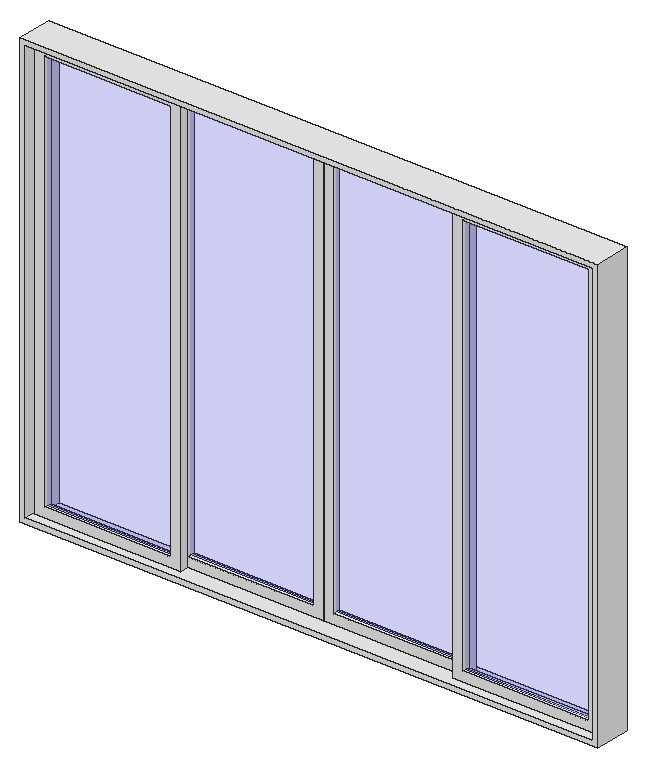
Revit family
Parameters (values of type "1800X2400 mm")
  Height = 1800 mm
  유리 = 양여닫이문 유리 재료
  프레임 = 양여닫이문 프레임 재료
  기본 씰 높이 = 1200 mm
  Wall Closure = (empty or 0)
  Width = 2400 mm
Reference planes
  plane 1: y = 0
  plane 2 "중심(왼쪽/오른쪽)": x = 0
  plane 3 "왼쪽": x = -1200
  plane 4 "오른쪽": x = 1200
  plane 5 "씰": z = 1200
  plane 6 "헤드": z = 3000
  plane 7 "외부": y = 50
  plane 8 "내부": y = -50
  plane 9: x = -1180
  plane 10: x = -1160
  plane 11: x = 1180
  plane 12: x = 1160
  plane 13: y = -25
  plane 14: y = -100
  plane 15: z = 2980
  plane 16: z = 1220
  plane 17: x = -1170
  plane 18: x = 1170
  plane 19: x = -585
  plane 20: x = 585
  plane 21: x = -605
  plane 22: x = -565
  plane 23: x = 565
  plane 24: x = 605
  plane 25: y = -28
  plane 26: y = -58
  plane 27: z = 2940
  plane 28: z = 1260
  plane 29: x = -1130
  plane 30: y = 8
  plane 31: y = -22
  plane 32: x = -40
  plane 33: x = 40
  plane 34: x = 1130
  plane 35: y = -39
  plane 36: y = -47
  plane 37: y = -3
  plane 38: y = -11
Forms (mm)
  Extrusion 1, solid, material "양여닫이문 프레임 재료" <- "프레임"
    sketch origin (0, 0, 0) x (1, 0, 0) y (0, 1, 0)
      loop
        line (-1200, 50) -> (-1200, -100) -> (-1180, -100) -> (-1180, -25) -> (-1160, -25) -> (-1160, 50) -> (-1200, 50)
      loop
        line (1200, 50) -> (1160, 50) -> (1160, -25) -> (1180, -25) -> (1180, -100) -> (1200, -100) -> (1200, 50)
    from 3000 to 1200
  Extrusion 2, solid, material "양여닫이문 프레임 재료" <- "프레임"
    sketch origin (0, 0, 0) x (1, 0, 0) y (0, 1, 0)
      loop
        line (-1200, 50) -> (-1200, -100) -> (1200, -100) -> (1200, 50) -> (-1200, 50)
    from 3000 to 2980
  Extrusion 3, solid, material "양여닫이문 프레임 재료" <- "프레임"
    sketch origin (0, 0, 0) x (1, 0, 0) y (0, 1, 0)
      loop
        line (-1200, 50) -> (-1200, -100) -> (1200, -100) -> (1200, 50) -> (-1200, 50)
    from 1220 to 1200
  Extrusion 4, solid, material "양여닫이문 프레임 재료" <- "프레임"
    sketch origin (0, 50, 0) x (1, 0, 0) y (0, 0, 1)
      loop
        line (-565, 2980) -> (-1170, 2980) -> (-1170, 1220) -> (-565, 1220) -> (-565, 2980)
      loop
        line (-605, 2940) -> (-1130, 2940) -> (-1130, 1260) -> (-605, 1260) -> (-605, 2940)
    from 78 to 108
  Extrusion 5, solid, material "양여닫이문 프레임 재료" <- "프레임"
    sketch origin (0, 50, 0) x (1, 0, 0) y (0, 0, 1)
      loop
        line (0, 2980) -> (-605, 2980) -> (-605, 1220) -> (0, 1220) -> (0, 2980)
      loop
        line (-40, 2940) -> (-565, 2940) -> (-565, 1260) -> (-40, 1260) -> (-40, 2940)
    from 42 to 72
  Extrusion 6, solid, material "양여닫이문 프레임 재료" <- "프레임"
    sketch origin (0, 50, 0) x (1, 0, 0) y (0, 0, 1)
      loop
        line (605, 2980) -> (0, 2980) -> (0, 1220) -> (605, 1220) -> (605, 2980)
      loop
        line (565, 2940) -> (40, 2940) -> (40, 1260) -> (565, 1260) -> (565, 2940)
    from 42 to 72
  Extrusion 7, solid, material "양여닫이문 프레임 재료" <- "프레임"
    sketch origin (0, 50, 0) x (1, 0, 0) y (0, 0, 1)
      loop
        line (1170, 2980) -> (565, 2980) -> (565, 1220) -> (1170, 1220) -> (1170, 2980)
      loop
        line (1130, 2940) -> (605, 2940) -> (605, 1260) -> (1130, 1260) -> (1130, 2940)
    from 78 to 108
  Extrusion 8, solid, material "양여닫이문 유리 재료" <- "유리"
    sketch origin (0, 50, 0) x (1, 0, 0) y (0, 0, 1)
      loop
        line (-605, 2940) -> (-1130, 2940) -> (-1130, 1260) -> (-605, 1260) -> (-605, 2940)
    from 89 to 97
  Extrusion 9, solid, material "양여닫이문 유리 재료" <- "유리"
    sketch origin (0, 50, 0) x (1, 0, 0) y (0, 0, 1)
      loop
        line (1130, 2940) -> (605, 2940) -> (605, 1260) -> (1130, 1260) -> (1130, 2940)
    from 89 to 97
  Extrusion 10, solid, material "양여닫이문 유리 재료" <- "유리"
    sketch origin (0, 50, 0) x (1, 0, 0) y (0, 0, 1)
      loop
        line (565, 2940) -> (40, 2940) -> (40, 1260) -> (565, 1260) -> (565, 2940)
    from 53 to 61
  Extrusion 11, solid, material "양여닫이문 유리 재료" <- "유리"
    sketch origin (0, 50, 0) x (1, 0, 0) y (0, 0, 1)
      loop
        line (-40, 2940) -> (-565, 2940) -> (-565, 1260) -> (-40, 1260) -> (-40, 2940)
    from 53 to 61
Cuts and joins
  joined: Extrusion 1, Extrusion 2, Extrusion 3
Lines and regions (mm)
  Opening 1
    outline origin (3500, -50, 0) x (1, 0, 0) y (0, 0, 1)
      loop
        line (-2300, 1200) -> (-2300, 3000) -> (-4700, 3000) -> (-4700, 1200) -> (-2300, 1200)
  symbolic lines
    curve 1: line (-1200, 50, 0) -> (-1200, -100, 0)
    curve 2: line (-1200, -100, 0) -> (1200, -100, 0)
    curve 3: line (1200, 50, 0) -> (-1200, 50, 0)
    curve 4: line (1200, -100, 0) -> (1200, 50, 0)
    curve 5: line (-565, -28, 0) -> (-1170, -28, 0)
    curve 6: line (-1170, -28, 0) -> (-1170, -58, 0)
    curve 7: line (-1170, -58, 0) -> (-565, -58, 0)
    curve 8: line (-565, -58, 0) -> (-565, -28, 0)
    curve 9: line (-605, -28, 0) -> (-605, -58, 0)
    curve 10: line (-1130, -58, 0) -> (-1130, -28, 0)
    curve 11: line (-605, 8, 0) -> (-605, -22, 0)
    curve 12: line (-605, -22, 0) -> (0, -22, 0)
    curve 13: line (0, 8, 0) -> (-605, 8, 0)
    curve 14: line (-565, -22, 0) -> (-565, 8, 0)
    curve 15: line (0, 8, 0) -> (0, -22, 0)
    curve 16: line (-40, 8, 0) -> (-40, -22, 0)
    curve 17: line (40, -22, 0) -> (40, 8, 0)
    curve 18: line (565, 8, 0) -> (565, -22, 0)
    curve 19: line (605, -22, 0) -> (605, 8, 0)
    curve 20: line (565, -28, 0) -> (565, -58, 0)
    curve 21: line (605, -58, 0) -> (605, -28, 0)
    curve 22: line (1170, -28, 0) -> (565, -28, 0)
    curve 23: line (565, -58, 0) -> (1170, -58, 0)
    curve 24: line (1130, -28, 0) -> (1130, -58, 0)
    curve 25: line (1170, -58, 0) -> (1170, -28, 0)
    curve 26: line (1160, 50, 0) -> (1160, -25, 0)
    curve 27: line (1160, -25, 0) -> (1180, -25, 0)
    curve 28: line (1180, -25, 0) -> (1180, -100, 0)
    curve 29: line (-1180, -100, 0) -> (-1180, -25, 0)
    curve 30: line (-1180, -25, 0) -> (-1160, -25, 0)
    curve 31: line (-1160, -25, 0) -> (-1160, 50, 0)
    curve 32: line (-585, 230, 0) -> (-585, -330, 0)
    curve 33: line (0, 230, 0) -> (0, -330, 0)
    curve 34: line (585, 230, 0) -> (585, -330, 0)
    curve 35: line (605, 8, 0) -> (0, 8, 0)
    curve 36: line (0, -22, 0) -> (605, -22, 0)
Text (mm)
  text "외부" at (-1963.203, 1332.353, 0), in view "참조 레벨"
  text "내부" at (-1981.466, -818.386, 0), in view "참조 레벨"
  text "외부" at (0, 923.751, 2943.296), in view "오른쪽"
  text "외부" at (0, 1040.484, 2685.409), in view "왼쪽"
Dimensions and locks
  equal spacing: plane 3 "왼쪽", plane 2 "중심(왼쪽/오른쪽)", plane 4 "오른쪽"
  "Width": plane 3 "왼쪽" to plane 4 "오른쪽"
  "Height": plane 5 "씰" to plane 6 "헤드"
  "기본 씰 높이": plane 5 "씰" to level
  locked: plane 7 "외부" to host wall at 0
  locked: plane 8 "내부" to host wall
  locked: plane 3 "왼쪽" to plane 9 at 20
  locked: plane 3 "왼쪽" to plane 10 at 40
  locked: plane 11 to plane 4 "오른쪽" at 20
  locked: plane 12 to plane 4 "오른쪽" at 40
  locked: plane 7 "외부" to plane 13 at 75
  locked: plane 14 to plane 7 "외부" at 150
  host wall to host wall = 4000 mm
  locked: plane 15 to plane 6 "헤드" at 20
  locked: plane 5 "씰" to plane 16 at 20
  locked: plane 3 "왼쪽" to plane 17 at 30
  locked: plane 18 to plane 4 "오른쪽" at 30
  equal spacing: plane 17, plane 19, plane 2 "중심(왼쪽/오른쪽)"
  equal spacing: plane 2 "중심(왼쪽/오른쪽)", plane 20, plane 18
  locked: plane 21 to plane 19 at 20
  locked: plane 19 to plane 22 at 20
  locked: plane 23 to plane 20 at 20
  locked: plane 20 to plane 24 at 20
  locked: plane 25 to plane 7 "외부" at 78
  locked: plane 26 to plane 7 "외부" at 108
  locked: plane 27 to plane 15 at 40
  locked: plane 16 to plane 28 at 40
  locked: plane 29 to plane 17 at 40
  locked: plane 7 "외부" to plane 30 at 42
  locked: plane 7 "외부" to plane 31 at 72
  locked: plane 32 to plane 2 "중심(왼쪽/오른쪽)" at 40
  locked: plane 33 to plane 2 "중심(왼쪽/오른쪽)" at 40
  locked: plane 18 to plane 34 at 40
  locked: plane 35 to plane 7 "외부" at 89
  locked: plane 36 to plane 7 "외부" at 97
  locked: plane 7 "외부" to plane 37 at 53
  locked: plane 7 "외부" to plane 38 at 61
  aligned and locked: plane 7 "외부" to Extrusion 1 sketch curve  (x2)
  aligned and locked: plane 3 "왼쪽" to Extrusion 1 sketch curve  (x2)
  aligned and locked: plane 13 to Extrusion 1 sketch curve  (x2)
  aligned and locked: Extrusion 1 sketch curve to plane 10
  aligned and locked: plane 10 to Extrusion 1 sketch curve
  aligned and locked: Extrusion 1 sketch curve to plane 13
  aligned and locked: Extrusion 1 sketch curve to plane 9
  aligned and locked: plane 9 to Extrusion 1 sketch curve
  aligned and locked: plane 4 "오른쪽" to Extrusion 1 sketch curve
  aligned and locked: Extrusion 1 sketch curve to plane 7 "외부"
  aligned and locked: Extrusion 1 sketch curve to plane 12
  aligned and locked: Extrusion 1 sketch curve to plane 11
  aligned and locked: Extrusion 1 sketch curve to plane 14
  aligned and locked: plane 14 to Extrusion 1 sketch curve
  aligned and locked: Extrusion 1 to plane 6 "헤드"
  aligned and locked: plane 5 "씰" to Extrusion 1
  aligned and locked: plane 3 "왼쪽" to Extrusion 2 sketch curve
  aligned and locked: plane 7 "외부" to Extrusion 2 sketch curve
  aligned and locked: plane 4 "오른쪽" to Extrusion 2 sketch curve
  aligned and locked: Extrusion 2 to plane 15
  aligned and locked: Extrusion 2 to plane 6 "헤드"
  aligned and locked: plane 3 "왼쪽" to Extrusion 3 sketch curve
  aligned and locked: plane 7 "외부" to Extrusion 3 sketch curve
  aligned and locked: plane 4 "오른쪽" to Extrusion 3 sketch curve
  aligned and locked: Extrusion 3 to plane 16
  aligned and locked: plane 5 "씰" to Extrusion 3
  aligned and locked: plane 14 to Extrusion 2 sketch curve
  aligned and locked: plane 14 to Extrusion 3 sketch curve
  aligned and locked: plane 22 to Extrusion 4 sketch curve
  aligned and locked: plane 15 to Extrusion 4 sketch curve
  aligned and locked: plane 16 to Extrusion 4 sketch curve
  aligned and locked: Extrusion 4 sketch curve to plane 17
  aligned and locked: plane 21 to Extrusion 4 sketch curve
  aligned and locked: plane 27 to Extrusion 4 sketch curve
  aligned and locked: plane 28 to Extrusion 4 sketch curve
  aligned and locked: plane 29 to Extrusion 4 sketch curve
  aligned and locked: plane 25 to Extrusion 4
  aligned and locked: Extrusion 4 to plane 26
  aligned and locked: plane 2 "중심(왼쪽/오른쪽)" to Extrusion 5 sketch curve
  aligned and locked: Extrusion 5 sketch curve to Extrusion 2
  aligned and locked: plane 16 to Extrusion 5 sketch curve
  aligned and locked: Extrusion 5 sketch curve to plane 21
  aligned and locked: plane 32 to Extrusion 5 sketch curve
  aligned and locked: plane 27 to Extrusion 5 sketch curve
  aligned and locked: plane 28 to Extrusion 5 sketch curve
  aligned and locked: Extrusion 5 sketch curve to plane 22
  aligned and locked: plane 30 to Extrusion 5
  aligned and locked: Extrusion 5 to plane 31
  aligned and locked: plane 24 to Extrusion 6 sketch curve
  aligned and locked: plane 15 to Extrusion 6 sketch curve
  aligned and locked: Extrusion 6 sketch curve to Extrusion 5  (x2)
  aligned and locked: plane 23 to Extrusion 6 sketch curve
  aligned and locked: plane 27 to Extrusion 6 sketch curve
  aligned and locked: plane 28 to Extrusion 6 sketch curve
  aligned and locked: plane 33 to Extrusion 6 sketch curve
  aligned and locked: Extrusion 6 to plane 31
  aligned and locked: plane 30 to Extrusion 6
  aligned and locked: plane 18 to Extrusion 7 sketch curve
  aligned and locked: plane 15 to Extrusion 7 sketch curve
  aligned and locked: plane 16 to Extrusion 7 sketch curve
  aligned and locked: Extrusion 7 sketch curve to plane 23
  aligned and locked: plane 34 to Extrusion 7 sketch curve
  aligned and locked: plane 27 to Extrusion 7 sketch curve
  aligned and locked: plane 28 to Extrusion 7 sketch curve
  aligned and locked: Extrusion 7 sketch curve to plane 24
  aligned and locked: Extrusion 7 to plane 26
  aligned and locked: plane 25 to Extrusion 7
  aligned and locked: Extrusion 4 to Extrusion 8 sketch curve
  aligned and locked: Extrusion 8 sketch curve to Extrusion 4  (x3)
  aligned and locked: plane 35 to Extrusion 8
  aligned and locked: Extrusion 8 to plane 36
  aligned and locked: Extrusion 7 to Extrusion 9 sketch curve
  aligned and locked: Extrusion 9 sketch curve to Extrusion 7  (x3)
  aligned and locked: plane 35 to Extrusion 9
  aligned and locked: Extrusion 9 to plane 36
  aligned and locked: Extrusion 6 to Extrusion 10 sketch curve
  aligned and locked: Extrusion 10 sketch curve to Extrusion 6  (x3)
  aligned and locked: plane 37 to Extrusion 10
  aligned and locked: Extrusion 10 to plane 38
  aligned and locked: Extrusion 5 to Extrusion 11 sketch curve
  aligned and locked: Extrusion 11 sketch curve to Extrusion 5  (x3)
  aligned and locked: plane 37 to Extrusion 11
  aligned and locked: Extrusion 11 to plane 38
  aligned and locked: curve 1 to Extrusion 1
  aligned and locked: curve 2 to Extrusion 3
  aligned and locked: curve 3 to Extrusion 3
  aligned and locked: curve 4 to Extrusion 1
  aligned and locked: curve 5 to Extrusion 4
  aligned and locked: curve 6 to Extrusion 4
  aligned and locked: curve 7 to Extrusion 4
  aligned and locked: curve 8 to Extrusion 4
  aligned and locked: curve 9 to Extrusion 4
  aligned and locked: curve 10 to Extrusion 4
  aligned and locked: curve 11 to Extrusion 5
  aligned and locked: curve 12 to Extrusion 5
  aligned and locked: curve 13 to Extrusion 5
  aligned and locked: curve 14 to Extrusion 5
  aligned and locked: curve 15 to Extrusion 6
  aligned and locked: curve 16 to Extrusion 5
  aligned and locked: curve 17 to Extrusion 6
  aligned and locked: curve 18 to Extrusion 6
  aligned and locked: curve 19 to Extrusion 6
  aligned and locked: curve 20 to Extrusion 7
  aligned and locked: curve 21 to Extrusion 7
  aligned and locked: curve 22 to Extrusion 7
  aligned and locked: curve 23 to Extrusion 7
  aligned and locked: curve 24 to Extrusion 7
  aligned and locked: curve 25 to Extrusion 7
  aligned and locked: curve 26 to Extrusion 1
  aligned and locked: curve 27 to Extrusion 1
  aligned and locked: curve 28 to Extrusion 1
  aligned and locked: curve 29 to Extrusion 1
  aligned and locked: curve 30 to Extrusion 1
  aligned and locked: curve 31 to Extrusion 1
  aligned and locked: curve 32 to plane 19
  aligned and locked: curve 33 to plane 2 "중심(왼쪽/오른쪽)"
  aligned and locked: curve 34 to plane 20
  aligned and locked: curve 35 to Extrusion 6
  aligned and locked: curve 36 to Extrusion 6
Automatic sketch dimensions
  Opening 1 sketch curve to plane 3 "왼쪽" = 0 mm
  Opening 1 sketch curve to plane 4 "오른쪽" = 0 mm
  Opening 1 sketch curve to plane 5 "씰" = 0 mm
  Opening 1 sketch curve to plane 6 "헤드" = 0 mm
  curve 1 to plane 3 "왼쪽" = 0 mm
  curve 30 to plane 9 = 0 mm
  curve 6 to plane 17 = 0 mm
  curve 31 to plane 10 = 0 mm
  curve 10 to plane 25 = 0 mm
  curve 10 to plane 29 = 0 mm
  curve 9 to plane 21 = 0 mm
  curve 13 to plane 21 = 0 mm
  curve 8 to plane 22 = 0 mm
  curve 14 to plane 22 = 0 mm
  curve 16 to plane 31 = 0 mm
  curve 16 to plane 32 = 0 mm
  curve 13 to plane 2 "중심(왼쪽/오른쪽)" = 0 mm
  curve 17 to plane 33 = 0 mm
  curve 18 to plane 23 = 0 mm
  curve 20 to plane 23 = 0 mm
  curve 19 to plane 24 = 0 mm
  curve 21 to plane 24 = 0 mm
  curve 24 to plane 26 = 0 mm
  curve 24 to plane 34 = 0 mm
  curve 26 to plane 12 = 0 mm
  curve 22 to plane 18 = 0 mm
  curve 28 to plane 11 = 0 mm
  curve 2 to plane 4 "오른쪽" = 0 mm
  curve 2 to plane 14 = 0 mm
  curve 6 to plane 26 = 0 mm
  curve 20 to plane 25 = 0 mm
  curve 30 to plane 13 = 0 mm
  curve 26 to plane 13 = 0 mm
  curve 16 to plane 30 = 0 mm
  curve 26 to host wall = 0 mm
  curve 34 to plane 14 = 230 mm
  curve 33 to plane 14 = 230 mm
  curve 32 to plane 14 = 230 mm
  host wall to curve 34 = 180 mm
  host wall to curve 32 = 180 mm
  host wall to curve 33 = 180 mm
